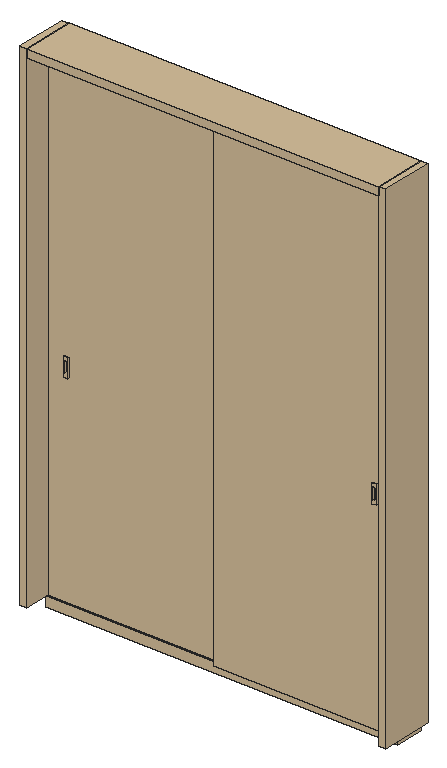
Revit family "Dor_木製-引違い戸", category ドア, Revit 2020
Family settings
  ホスト = 壁
  常に垂直 = はい
  ロード時にボイドで切り取り = はい
  共有 = いいえ
  部屋計算ポイント = いいえ
Parameters (values of type "木製-引違い戸")
  開口逃げ位置表示 [instance] = no
  金物_施錠方式(外) = ""
  金物_施錠方式(内) = ""
  金物_支持金物 = ""
  金物_操作金物 = ""
  金物_戸当り = ""
  金物_固定金物 = ""
  金物_フランス落し = ""
  金物_クローザー = ""
  逃げ_左 = 50 mm
  逃げ_右 = 50 mm
  解析用性能 = "<なし>"
  符号_建具記号 = ""
  符号_建具番号 = ""
  法_随時閉鎖 = yes
  法_防火性能 = ""
  法_遮煙 = yes
  法_常時閉鎖 = yes
  文字_ガラス厚 = ""
  敷居見込 [instance] = 120 mm
  敷居表示 [instance] = yes
  枠見付上 = 35 mm
  引手表示 [instance] = yes
  召合せ = 40 mm
  ラベル_遮煙 = if(法_遮煙, "S", " ")  # "S"
  ラベル_法囲み = if(法_常時閉鎖, "□", if(法_随時閉鎖, "〇", " "))  # "□"
  マテリアル_障子紙 = 紙 - 障子
  マテリアル_襖紙 = 紙 - 襖
  マテリアル_引手 = 木目 - ナチュラル
  マテリアル_ハンドル = none
  ドアパネルタイプ = DPJ_フラッシュ : フラッシュ
  次による断熱プロパティの定義 = スキーマティック タイプ
  文字_額縁材質 = ""
  文字_額縁仕上 = ""
  文字_沓摺材質 = ""
  文字_沓摺仕上 = ""
  文字_枠材質 = ""
  文字_枠仕上 = ""
  文字_建具材質 = ""
  文字_建具仕上 = ""
  文字_取付場所 = ""
  文字_備考 = ""
  文字_パネル厚 = ""
  文字_ガラリ材質 = ""
  文字_ガラリ仕上 = ""
  文字_ガラス材質 = ""
  文字_アンダーカット = ""
  性能_遮音 = ""
  性能_気密 = ""
  形状_沓摺形状 = ""
  形状_枠形状 = ""
  形状_建具形式 = ""
  形状_ガラリ形状 = ""
  calc_逃げ位置 [instance] = if(bWallThicknessOffset, calc_壁芯ずれ, 0 mm)  # 0 mm
  calc_壁芯ずれ [instance] = オフセット / 2 + LOCK  # 25 mm
  マテリアル_沓摺 = none
  マテリアル_枠 = 木目 - ナチュラル
  マテリアル_パネル = 木目 - ナチュラル
  マテリアル_ガラリ = none
  マテリアル_ガラス = none
  Keynote = ""
  オフセット [instance] = 50 mm
  calc_パネル中心_幅 = 幅 / 2 + LOCK  # 750 mm
  bWallThicknessOffset = no
  W寸法 = 1500 mm
  LOCK = 0 mm  # constant formula
  Function = (empty or 0)
  Description = ""
  Rough Width = 0 mm
  高さ = H寸法 + LOCK  # 2100 mm
  枠見付 = 30 mm
  枠ちり外 = 10 mm
  枠ちり内 = 10 mm
  引手_高さ = 900 mm
  戸当見付 = 0 mm
  Construction Type = ""
  Wall Closure = (empty or 0)
  幅 = W寸法 + LOCK  # 1500 mm
  Rough Height = 0 mm
  パネル高 = 高さ + LOCK  # 2100 mm
  パネル幅 = 幅 / 2 + 召合せ / 2  # 770 mm
  パネル厚 = 30 mm
  H寸法 = 2100 mm
Reference planes
  plane 1: y = 0.417
  plane 2 "中心(左/右)": x = 0
  plane 3 "EXT.": y = 75.417
  plane 4 "内壁": y = -74.583
  plane 5 "左": x = -750
  plane 6 "右": x = 750
  plane 7 "上側": z = 2100
  plane 8: z = 0
  plane 9 "枠ちり外": y = 85.417
  plane 10 "枠外側左": x = -780
  plane 11 "枠外側右": x = 780
  plane 12 "オフセット": y = -124.583
  plane 13 "枠ちり内": y = -134.583
  plane 14: x = -785
  plane 15: x = 785
  plane 16: y = 65.417
  plane 17: y = -114.583
  plane 18: y = -65
  plane 19: y = -129.583
  plane 20 "パネル1中心": y = -39.583
  plane 21: z = 900
  plane 22: z = 2135
  plane 23: y = 65
  plane 24: z = 1050
  plane 25: x = -20
  plane 26: x = 20
  plane 27: x = 365
  plane 28: x = -365
  plane 29 "パネル2中心": y = -9.583
  plane 30 "壁芯ずれ": y = -24.583
  plane 31: y = -54.583
  plane 32: y = 5.417
  plane 33 "敷居見込": y = -34.583
  plane 34: x = -700
  plane 35 "逃げ位置": y = 0.417
Forms (mm)
  Extrusion 1, void
    sketch origin (0, 0, 0) x (1, 0, 0) y (0, 1, 0)
      loop
        line (-780, -124.583) -> (780, -124.583) -> (780, 75.417) -> (-780, 75.417) -> (-780, -124.583)
    from 0 to 2135
  Extrusion 2, solid, material "木目 - ナチュラル" <- "マテリアル_枠"
    sketch origin (0, 0, 0) x (1, 0, 0) y (0, 1, 0)
      loop
        line (-750, -134.583) -> (750, -134.583) -> (750, 85.417) -> (-750, 85.417) -> (-750, -134.583)
    from 2100 to 2135
  Extrusion 3, solid, material "木目 - ナチュラル" <- "マテリアル_枠"
    sketch origin (0, 0, 0) x (1, 0, 0) y (0, 1, 0)
      loop
        line (-780, -134.583) -> (-750, -134.583) -> (-750, 85.417) -> (-780, 85.417) -> (-780, -134.583)
      loop
        line (750, -134.583) -> (780, -134.583) -> (780, 85.417) -> (750, 85.417) -> (750, -134.583)
    from 0 to 2135
  Extrusion 4, solid, material "木目 - ナチュラル" <- "マテリアル_枠", visible <- "敷居表示"
    sketch origin (0, 0, 0) x (1, 0, 0) y (0, 1, 0)
      loop
        line (-750, 85.417) -> (-750, -34.583) -> (750, -34.583) -> (750, 85.417) -> (-750, 85.417)
    from 0 to -40
Lines and regions (mm)
  Masking region 1
    outline origin (0, 0, 0) x (0, 1, 0) y (0, 0, 1)
      loop
        line (-24.583, 2100) -> (-54.583, 2100) -> (-54.583, 5) -> (-24.583, 5) -> (-24.583, 2100)
  Masking region 2
    outline origin (0, 0, 0) x (0, 1, 0) y (0, 0, 1)
      loop
        line (-134.583, 2135) -> (-134.583, 2100) -> (85.417, 2100) -> (85.417, 2135) -> (-134.583, 2135)
  Masking region 3, detail levels medium+fine
    outline origin (0, 0, 0) x (1, 0, 0) y (0, 1, 0)
      loop
        line (780, -134.583) -> (780, 85.417) -> (750, 85.417) -> (750, -134.583) -> (780, -134.583)
      loop
        line (-780, -134.583) -> (-750, -134.583) -> (-750, 85.417) -> (-780, 85.417) -> (-780, -134.583)
  Masking region 4, detail levels coarse
    outline origin (0, 0, 0) x (1, 0, 0) y (0, 1, 0)
      loop
        line (785, 75.417) -> (750, 75.417) -> (750, -124.583) -> (785, -124.583) -> (785, 75.417)
      loop
        line (-785, 75.417) -> (-785, -124.583) -> (-750, -124.583) -> (-750, 75.417) -> (-785, 75.417)
  Masking region 5
    outline origin (0, 0.835, 0) x (0, -1, 0) y (0, 0, 1)
      loop
        line (25.417, 2100) -> (-4.583, 2100) -> (-4.583, 5) -> (25.417, 5) -> (25.417, 2100)
  Masking region 6, visible <- "敷居表示", detail levels medium+fine
    outline origin (0, 0, 0) x (1, 0, 0) y (0, 1, 0)
      loop
        line (-750, 85.417) -> (-750, -34.583) -> (750, -34.583) -> (750, 85.417) -> (-750, 85.417)
  symbolic lines
    curve 1: line (0, 135.417, 0) -> (0, -184.583, 0)
Text (mm)
  text "EXT." at (-2295.016, 1099.543, 0), in view "基準レベル"
  text "外部" at (0, 1615.38, 3698.081), in view "左"
  text "外部" at (0, 1036.032, 3874.932), in view "右"
  text "内部" at (0, -1175.082, 3874.932), in view "右"
  text "内部" at (-2295.016, -1087.353, 0), in view "基準レベル"
Dimensions and locks
  equal spacing: plane 5 "左", plane 2 "中心(左/右)", plane 6 "右"
  locked: plane 3 "EXT." to host wall
  locked: plane 4 "内壁" to host wall
  "W寸法": plane 5 "左" to plane 6 "右"
  "H寸法": plane 8 to plane 7 "上側"
  "枠ちり外": plane 3 "EXT." to plane 9 "枠ちり外"
  "枠ちり内": plane 12 "オフセット" to plane 13 "枠ちり内"
  locked: curve 1 to plane 9 "枠ちり外" at 50
  locked: plane 13 "枠ちり内" to curve 1 at 50
  plane 4 "内壁" to plane 3 "EXT." = 150 mm
  locked: plane 14 to plane 10 "枠外側左" at 5
  locked: plane 11 "枠外側右" to plane 15 at 5
  locked: plane 16 to plane 3 "EXT." at 10
  locked: plane 17 to plane 12 "オフセット" at 10
  locked: plane 12 "オフセット" to plane 19 at 5
  "引手_高さ": plane 21 to level
  "枠見付": plane 6 "右" to plane 11 "枠外側右"
  "枠見付": plane 10 "枠外側左" to plane 5 "左"
  "枠見付上": plane 22 to plane 7 "上側"
  plane 23 to plane 3 "EXT." = 10.417 mm
  equal spacing: plane 8, plane 24, plane 7 "上側"
  "オフセット": plane 4 "内壁" to plane 12 "オフセット"
  equal spacing: plane 25, plane 2 "中心(左/右)", plane 26
  "召合せ": plane 25 to plane 26
  equal spacing: plane 25, plane 27, plane 6 "右"
  equal spacing: plane 5 "左", plane 28, plane 26
  "calc_壁芯ずれ": plane 30 "壁芯ずれ" to host wall
  equal spacing: plane 20 "パネル1中心", plane 30 "壁芯ずれ", plane 29 "パネル2中心"
  "パネル厚": plane 29 "パネル2中心" to plane 20 "パネル1中心"
  "パネル厚": plane 30 "壁芯ずれ" to plane 31
  "パネル厚": plane 32 to plane 30 "壁芯ずれ"
  "敷居見込": plane 9 "枠ちり外" to plane 33 "敷居見込"
  "calc_逃げ位置": plane 35 "逃げ位置" to plane 1
  aligned and locked: plane 1 to host wall
  aligned and locked: level to plane 8
  aligned and locked: Extrusion 1 to plane 12 "オフセット"
  aligned and locked: Masking region 2 sketch curve to plane 13 "枠ちり内"
  aligned and locked: plane 9 "枠ちり外" to Masking region 2 sketch curve
  aligned and locked: plane 6 "右" to Masking region 4 sketch curve
  aligned and locked: Masking region 4 sketch curve to plane 15
  aligned and locked: Masking region 4 sketch curve to plane 12 "オフセット"
  aligned and locked: plane 6 "右" to Masking region 3 sketch curve
  aligned and locked: plane 9 "枠ちり外" to Masking region 3 sketch curve
  aligned and locked: Extrusion 2 sketch curve to plane 13 "枠ちり内"
  aligned and locked: plane 5 "左" to Extrusion 2 sketch curve
  aligned and locked: Extrusion 2 sketch curve to plane 6 "右"
  aligned and locked: Extrusion 1 to plane 22
  aligned and locked: Extrusion 3 sketch curve to plane 13 "枠ちり内"  (x2)
  aligned and locked: Extrusion 3 sketch curve to plane 5 "左"
  aligned and locked: Extrusion 3 sketch curve to plane 10 "枠外側左"
  aligned and locked: plane 6 "右" to Extrusion 3 sketch curve
  aligned and locked: Extrusion 3 sketch curve to plane 11 "枠外側右"
  aligned and locked: Extrusion 3 to plane 22
  aligned and locked: Extrusion 2 to plane 22
  aligned and locked: plane 7 "上側" to Extrusion 2
  aligned and locked: plane 2 "中心(左/右)" to nested 1
  aligned and locked: plane 24 to nested 1
  aligned and locked: plane 7 "上側" to Masking region 2 sketch curve  (x2)
  aligned and locked: plane 7 "上側" to Masking region 1 sketch curve
  aligned and locked: Masking region 2 sketch curve to plane 22
  aligned and locked: Masking region 3 sketch curve to plane 9 "枠ちり外"
  aligned and locked: plane 13 "枠ちり内" to Masking region 3 sketch curve
  aligned and locked: plane 10 "枠外側左" to Masking region 3 sketch curve
  aligned and locked: Extrusion 1 sketch curve to plane 3 "EXT."
  aligned and locked: plane 3 "EXT." to Masking region 4 sketch curve
  aligned and locked: plane 12 "オフセット" to Masking region 4 sketch curve
  aligned and locked: Masking region 4 sketch curve to plane 14
  aligned and locked: plane 9 "枠ちり外" to Extrusion 3 sketch curve  (x2)
  aligned and locked: plane 2 "中心(左/右)" to nested 2
  aligned and locked: nested 2 to plane 30 "壁芯ずれ"
  aligned and locked: plane 9 "枠ちり外" to Extrusion 2 sketch curve
  aligned and locked: plane 30 "壁芯ずれ" to Masking region 1 sketch curve
  aligned and locked: Masking region 1 sketch curve to plane 31
  aligned and locked: Masking region 5 sketch curve to plane 32
  aligned and locked: plane 30 "壁芯ずれ" to Masking region 5 sketch curve
  aligned and locked: Masking region 5 sketch curve to plane 7 "上側"
  aligned and locked: plane 5 "左" to Masking region 4 sketch curve
  aligned and locked: plane 5 "左" to Masking region 3 sketch curve
  aligned and locked: nested 3 to plane 29 "パネル2中心"
  aligned and locked: plane 20 "パネル1中心" to nested 4
  aligned and locked: plane 27 to nested 4
  aligned and locked: Extrusion 4 sketch curve to plane 9 "枠ちり外"
  aligned and locked: plane 33 "敷居見込" to Extrusion 4 sketch curve
  aligned and locked: plane 6 "右" to Extrusion 4 sketch curve
  aligned and locked: Extrusion 4 sketch curve to plane 5 "左"
  aligned and locked: plane 28 to nested 3
  aligned and locked: plane 9 "枠ちり外" to Masking region 6 sketch curve
  aligned and locked: plane 5 "左" to Masking region 6 sketch curve
  aligned and locked: Masking region 6 sketch curve to plane 6 "右"
  aligned and locked: Masking region 6 sketch curve to plane 33 "敷居見込"
  aligned and locked: plane 2 "中心(左/右)" to nested 5
  aligned and locked: nested 5 to plane 35 "逃げ位置"
Automatic sketch dimensions
  curve 1 to plane 2 "中心(左/右)" = 0 mm
  Extrusion 1 sketch curve to plane 10 "枠外側左" = 0 mm
  Extrusion 1 sketch curve to plane 11 "枠外側右" = 0 mm
  host wall to Extrusion 1 sketch curve = 50 mm
  Masking region 4 sketch curve to host wall = 0 mm
  Masking region 3 sketch curve to plane 11 "枠外側右" = 0 mm
  Masking region 3 sketch curve to plane 13 "枠ちり内" = 0 mm
  level to Masking region 1 sketch curve = 5 mm
  level to Masking region 5 sketch curve = 5 mm
Nested families
  nested 1: "立面_スイング_引違い" at (0, 75.417, 1050) x (1, 0, 0) z (0, -1, 0), type "立面_スイング_引違い"
    with 幅 250 mm
  nested 2: "平面_引き違い戸" at (0, -24.583, 0), パネル厚 <- "パネル厚", 召合せ <- "召合せ", 幅 <- "幅", type "平面_引き違い戸"
    with 幅 1500 mm, 召合せ 40 mm, パネル厚 30 mm
  nested 3: "DPJ_フラッシュ" at (-365, -9.583, 0), type <- "ドアパネルタイプ", type "フラッシュ"
    with 高さ 2100 mm, 引手表示 yes, 幅 770 mm, 厚さ 30 mm
  nested 4: "DPJ_フラッシュ" at (365, -39.583, 0) x (-1, 0, 0) z (0, 0, 1), type <- "ドアパネルタイプ", type "フラッシュ"
    with 高さ 2100 mm, 引手表示 yes, 幅 770 mm, 厚さ 30 mm
  nested 5: "平面_逃げ位置" at (0, 0.417, 0), visible <- "開口逃げ位置表示", 幅 <- "W寸法", 逃げ_右 <- "逃げ_右", 逃げ_左 <- "逃げ_左", type "平面_逃げ位置"
    with 逃げ_左 50 mm, 逃げ_右 50 mm, 幅 1500 mm
Definition of nested family "DPJ_フラッシュ"
  Parameters (values of type "フラッシュ")
    高さ = 2110 mm
    引手表示 = no
    引手取付高さ = 900 mm
    幅 = 615 mm
    厚さ = 45 mm
    マテリアル_引手 = none
    マテリアル_パネル = none
  Reference planes
    plane 1 "中心(正面/背面)": y = 0
    plane 2 "下": z = 0
    plane 3 "中心(左/右)": x = 0
    plane 4 "右": x = 307.5
    plane 5 "左": x = -307.5
    plane 6 "前面": y = 22.5
    plane 7 "背面": y = -22.5
    plane 8 "上": z = 2110
    plane 9: x = -227.5
    plane 10: z = 900
  Forms (mm)
    Extrusion 1, solid, material <- "マテリアル_パネル"
      sketch origin (0, 0, 0) x (1, 0, 0) y (0, 0, 1)
        loop
          line (-307.5, 2110) -> (-307.5, 0) -> (307.5, 0) -> (307.5, 2110) -> (-307.5, 2110)
      from -22.5 to 22.5
  Dimensions and locks
    equal spacing: plane 5 "左", plane 3 "中心(左/右)", plane 4 "右"
    "幅": plane 5 "左" to plane 4 "右"
    equal spacing: plane 6 "前面", plane 1 "中心(正面/背面)", plane 7 "背面"
    "厚さ": plane 6 "前面" to plane 7 "背面"
    "高さ": plane 8 "上" to plane 2 "下"
    plane 9 to plane 5 "左" = 80 mm
    "引手取付高さ": plane 10 to plane 2 "下"
    aligned and locked: level to plane 2 "下"
    aligned and locked: Extrusion 1 sketch curve to plane 8 "上"
    aligned and locked: plane 5 "左" to Extrusion 1 sketch curve
    aligned and locked: Extrusion 1 sketch curve to plane 4 "右"
    aligned and locked: plane 6 "前面" to Extrusion 1
    aligned and locked: Extrusion 1 to plane 7 "背面"
    aligned and locked: plane 2 "下" to Extrusion 1 sketch curve
    aligned and locked: nested 1 to plane 9
    aligned and locked: nested 1 to plane 10
  Nested families
    nested 1: "Ha_引手" at (-227.5, 0, 900), visible <- "引手表示", type "Ha_引手"
      with パネル厚 45 mm
  Definition of nested family "Ha_引手"
    Parameters (values of type "Ha_引手")
      Analytic Construction = "<なし>"
      Define Thermal Properties by = 1
      パネル厚 = 30 mm
      ハンドル = none
      Keynote = "08730.C5"
    Reference planes
      plane 1 "中心(正面/背面)": y = 0
      plane 2: z = 0
      plane 3 "中心 (左/右)": x = 0
      plane 4: y = 15
      plane 5: y = -15
      plane 6: y = -20
      plane 7: y = 20
    Forms (mm)
      Extrusion 1, solid, material <- "ハンドル"
        sketch origin (-30, -15, 0) x (1, 0, 0) y (0, 0, 1)
          loop
            line (20, -40) -> (40, -40) -> (40, 40) -> (20, 40) -> (20, -40)
        from -35 to 5
      Extrusion 2, void
        sketch origin (0, -15, 0) x (-1, 0, 0) y (0, 0, 1)
          loop
            line (5, -25) -> (5, 25) -> (-5, 25) -> (-5, -25) -> (5, -25)
        from -5 to 0
      Extrusion 3, void
        sketch origin (0, 15, 0) x (-1, 0, 0) y (0, 0, 1)
          loop
            line (-5, 25) -> (-5, -25) -> (5, -25) -> (5, 25) -> (-5, 25)
        from 0 to 5
    Cuts and joins
      Extrusion 2, Extrusion 3 cuts Extrusion 1
    Dimensions and locks
      equal spacing: plane 5, plane 1 "中心(正面/背面)", plane 4
      "パネル厚": plane 5 to plane 4
      locked: plane 6 to plane 5 at 5
      locked: plane 4 to plane 7 at 5
      aligned and locked: plane 6 to Extrusion 1
      aligned and locked: Extrusion 1 to plane 7
      aligned and locked: Extrusion 1 to Extrusion 2
      aligned and locked: Extrusion 1 to Extrusion 3
    Automatic sketch dimensions
      Extrusion 1 sketch curve to plane 3 "中心 (左/右)" = 10 mm
      plane 3 "中心 (左/右)" to Extrusion 1 sketch curve = 10 mm
      Extrusion 1 sketch curve to level = 40 mm
      level to Extrusion 1 sketch curve = 40 mm
      plane 3 "中心 (左/右)" to Extrusion 2 sketch curve = 5 mm
      Extrusion 2 sketch curve to plane 3 "中心 (左/右)" = 5 mm
      Extrusion 2 sketch curve to level = 25 mm
      level to Extrusion 2 sketch curve = 25 mm
      plane 3 "中心 (左/右)" to Extrusion 3 sketch curve = 5 mm
      Extrusion 3 sketch curve to plane 3 "中心 (左/右)" = 5 mm
      Extrusion 3 sketch curve to level = 25 mm
      level to Extrusion 3 sketch curve = 25 mm
Definition of nested family "立面_スイング_引違い"
  Parameters (values of type "立面_スイング_引違い")
    幅 [instance] = 250 mm
  Reference planes
    plane 1 "中心(正面/背面)": y = 0
    plane 2: z = 0
    plane 3 "中心(左/右)": x = 0
    plane 4: x = -125
    plane 5: x = 125
  Lines and regions (mm)
    detail lines, in view "基準レベル"
      curve 1: line (125, 0, 0) -> (-125, 0, 0)
      curve 2: line (-125, 0, 0) -> (-55.718, 40, 0)
      curve 3: line (125, 0, 0) -> (55.718, -40, 0)
  Dimensions and locks
    equal spacing: plane 4, plane 3 "中心(左/右)", plane 5
    "幅": plane 4 to plane 5
    angle curve 1 to curve 2 = 30.00°
    angle curve 1 to curve 3 = 30.00°
    aligned and locked: plane 4 to curve 1
    aligned and locked: plane 5 to curve 1
  Automatic sketch dimensions
    plane 1 "中心(正面/背面)" to curve 3 = 0 mm
Definition of nested family "平面_引き違い戸"
  Parameters
    幅 [instance] = 1600 mm
    召合せ [instance] = 40 mm
    パネル厚 [instance] = 45 mm
  Reference planes
    plane 1 "中心(正面/背面)": y = 0
    plane 2: z = 0
    plane 3 "中心(左/右)": x = 0
    plane 4: y = 22.5
    plane 5: y = -22.5
    plane 6: x = -20
    plane 7: x = 20
    plane 8: x = -800
    plane 9: x = 800
    plane 10: y = -45, in view "基準レベル"
    plane 11: y = 45, in view "基準レベル"
  Lines and regions (mm)
    Masking region 1, in view "基準レベル", detail levels medium+fine
      outline origin (0, 0, 0) x (1, 0, 0) y (0, 1, 0)
        loop
          line (-20, 0) -> (-20, -45) -> (800, -45) -> (800, 0) -> (-20, 0)
    Masking region 2, in view "基準レベル", detail levels medium+fine
      outline origin (0, 0, 0) x (-1, 0, 0) y (0, -1, 0)
        loop
          line (-20, 0) -> (-20, -45) -> (800, -45) -> (800, 0) -> (-20, 0)
    detail lines, in view "基準レベル", detail levels coarse
      curve 1: line (-800, 22.5, 0) -> (20, 22.5, 0)
      curve 2: line (-20, -22.5, 0) -> (800, -22.5, 0)
  Dimensions and locks
    equal spacing: plane 4, plane 1 "中心(正面/背面)", plane 5
    "パネル厚": plane 4 to plane 5
    equal spacing: plane 8, plane 3 "中心(左/右)", plane 9
    equal spacing: plane 6, plane 3 "中心(左/右)", plane 7
    "召合せ": plane 6 to plane 7
    "幅": plane 8 to plane 9
    "パネル厚": plane 10 to plane 1 "中心(正面/背面)"
    "パネル厚": plane 1 "中心(正面/背面)" to plane 11
    aligned and locked: plane 6 to Masking region 1 sketch curve
    aligned and locked: Masking region 1 sketch curve to plane 9
    aligned and locked: Masking region 1 sketch curve to plane 10
    aligned and locked: plane 1 "中心(正面/背面)" to Masking region 1 sketch curve
    aligned and locked: Masking region 2 sketch curve to plane 11
    aligned and locked: plane 8 to Masking region 2 sketch curve
    aligned and locked: Masking region 2 sketch curve to plane 7
    aligned and locked: Masking region 2 sketch curve to plane 1 "中心(正面/背面)"
    aligned and locked: plane 8 to curve 1
    aligned and locked: plane 7 to curve 1
    aligned and locked: plane 6 to curve 2
    aligned and locked: plane 9 to curve 2
  Automatic sketch dimensions
    curve 1 to plane 4 = 0 mm
    curve 2 to plane 5 = 0 mm
Definition of nested family "平面_逃げ位置"
  Parameters (values of type "平面_逃げ位置")
    逃げ_左 [instance] = 40 mm
    逃げ_右 [instance] = 40 mm
    幅 [instance] = 1000 mm
  Reference planes
    plane 1 "中心(正面/背面)": y = 0
    plane 2: z = 0
    plane 3 "中心(左/右)": x = 0
    plane 4: x = -500
    plane 5: x = 500
    plane 6: x = 540
    plane 7: x = -540
    plane 8: y = -30
    plane 9: y = 30
  Lines and regions (mm)
    detail lines, in view "基準レベル"
      curve 1: line (-540, 30, 0) -> (-540, -30, 0)
      curve 2: line (540, 30, 0) -> (540, -30, 0)
  Dimensions and locks
    equal spacing: plane 4, plane 3 "中心(左/右)", plane 5
    "幅": plane 4 to plane 5
    plane 9 to plane 8 = 60 mm
    equal spacing: plane 9, plane 1 "中心(正面/背面)", plane 8
    "逃げ_左": plane 7 to plane 4
    "逃げ_右": plane 5 to plane 6
    aligned and locked: curve 1 to plane 7
    aligned and locked: plane 6 to curve 2
    aligned and locked: plane 9 to curve 2
  Automatic sketch dimensions
    curve 1 to plane 8 = 0 mm
    curve 2 to plane 8 = 0 mm
    curve 1 to plane 9 = 0 mm
